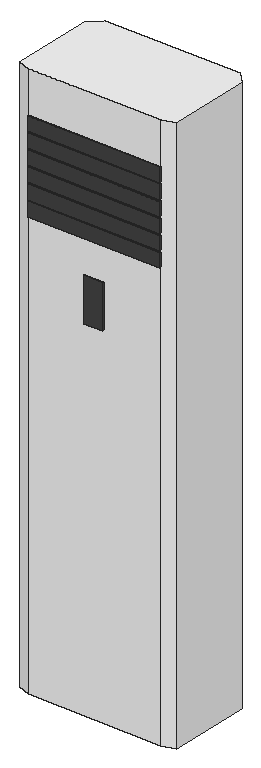
Revit family "SYSCOOL FLOOR 24 HP Q, внутренний блок", category Оборудование, Revit 2019
Family settings
  Размер круглого соединителя = Использовать диаметр
  Тип детали = Нормальный
  Номер OmniClass = 23.75.00.00
  Заголовок OmniClass = Climate Control (HVAC)
  На основе рабочей плоскости = Нет
  Всегда вертикально = Да
  При загрузке вырезать с полостями = Нет
  Общий = Нет
  Точка расчета площади = Нет
Parameters (values of type "MFPA-24ARN1-QB6")
  clearance access up = 300.000 mm
  clearance access right = 500.000 mm
  clearance access left = 500.000 mm
  clearance access front = 2000.000 mm
  clearance access behind = 50.000 mm
  clearance [instance] = no
  Width = 510.000 mm
  URL = ""
  Series = "PA"
  Power supply = "3 phase,380-415V, 50Hz"
  Panel color = "Polar white"
  Net Weight = 38.40 kg
  Группа модели = "MFPA-24ARN1-QB6"
  Minimum Circuit Amps = 18 A
  Min cable selection (power wiring) = "4.0x3"
  Maximum Fuse Amps = 35 A
  Manufacturer = ""
  Machine material = Galvanized Steel
  Liquid pipe = 9.520 mm
  Installation = "Indoor installation"
  Height = 1750.000 mm
  Heating Power Input = 2470 W
  Heating Capacity = 7913 W
  Gas pipe = 15.900 mm
  Gas = "R410A"
  Описание = "Floor standing"
  Depth = 315.000 mm
  Cooling Power Input = 2425 W
  Cooling Capacity = 7034 W
  Condensation = ""
  Combine Capacity = 2732 W
  Combine = 3030 W
  Air  Flow = "910/800 m3/h"
Reference planes
  plane 1 "center(front/back)": y = 0
  plane 2: z = 0
  plane 3 "center(left/right)": x = 0
  plane 4: z = 1750
  plane 5: x = 510
  plane 6: y = -315
  plane 7: z = 1825
Forms (mm)
  Extrusion 1, solid, material "HXL White", detail levels medium+fine
    sketch origin (0, 0, 0) x (1, 0, 0) y (0, 1, 0)
      loop
        line (35, 0) -> (0, -35) -> (0, -300.441) -> (40, -315) -> (470, -315) -> (510, -300.441) -> (510, -35) -> (475, 0) -> (35, 0)
    from 1825 to 0
  Extrusion 2, solid, material "HXL Black", detail levels fine
    sketch origin (0, 0, -1560) x (0, 1, 0) y (0, 0, 1)
      loop
        line (-320, 3200) -> (-320, 3155) -> (-306.077, 3155) -> (-306.077, 3200) -> (-320, 3200)
    from 470 to 40
  Extrusion 3, solid, material "HXL Black", detail levels fine
    sketch origin (0, 0, -1510) x (0, 1, 0) y (0, 0, 1)
      loop
        line (-320, 3200) -> (-320, 3155) -> (-306.077, 3155) -> (-306.077, 3200) -> (-320, 3200)
    from 470 to 40
  Extrusion 4, solid, material "HXL Black", detail levels fine
    sketch origin (0, 0, -1660) x (0, 1, 0) y (0, 0, 1)
      loop
        line (-320, 3200) -> (-320, 3155) -> (-306.077, 3155) -> (-306.077, 3200) -> (-320, 3200)
    from 470 to 40
  Extrusion 5, solid, material "HXL Black", detail levels fine
    sketch origin (0, 0, -1610) x (0, 1, 0) y (0, 0, 1)
      loop
        line (-320, 3200) -> (-320, 3155) -> (-306.077, 3155) -> (-306.077, 3200) -> (-320, 3200)
    from 470 to 40
  Extrusion 6, solid, material "HXL Black", detail levels fine
    sketch origin (0, 0, -1760) x (0, 1, 0) y (0, 0, 1)
      loop
        line (-320, 3200) -> (-320, 3155) -> (-306.077, 3155) -> (-306.077, 3200) -> (-320, 3200)
    from 470 to 40
  Extrusion 7, solid, material "HXL Black", detail levels fine
    sketch origin (0, 0, -1710) x (0, 1, 0) y (0, 0, 1)
      loop
        line (-320, 3200) -> (-320, 3155) -> (-306.077, 3155) -> (-306.077, 3200) -> (-320, 3200)
    from 470 to 40
  Extrusion 8, solid, material "HXL Black", detail levels fine
    sketch origin (0, 0, -1960) x (0, 1, 0) y (0, 0, 1)
      loop
        line (-320, 3248.118) -> (-320, 3107.291) -> (-306.077, 3107.291) -> (-306.077, 3248.118) -> (-320, 3248.118)
    from 286.013 to 224.201
  Extrusion 9, solid, material "HXL White", detail levels fine
    sketch origin (0, 2.622, -30.139) x (0, 0, 1) y (-1, 0, 0)
      loop
        circle (87.32, -446.577) r 9.5
    from 2.622 to -15.703
  Extrusion 10, solid, material "HXL White", detail levels fine
    sketch origin (0, 2.622, 4.861) x (0, 0, 1) y (-1, 0, 0)
      loop
        circle (87.32, -446.577) r 4.76
    from 2.622 to -15.703
Lines and regions (mm)
  model lines
    curve 1: line (0, -35, 1825) -> (0, -300.441, 1825)
    curve 2: line (510, -300.441, 1825) -> (510, -35, 1825)
    curve 3: line (475, 0, 1825) -> (35, 0, 1825)
    curve 4: line (510, -300.441, 0) -> (510, -35, 0)
    curve 5: line (0, -35, 0) -> (0, -300.441, 0)
    curve 6: line (475, 0, 0) -> (35, 0, 0)
    curve 7: line (510, -35, 1825) -> (475, 0, 1825)
    curve 8: line (35, 0, 1825) -> (0, -35, 1825)
    curve 9: line (0, -300.441, 1825) -> (40, -315, 1825)
    curve 10: line (470, -315, 1825) -> (510, -300.441, 1825)
    curve 11: line (40, -315, 1825) -> (470, -315, 1825)
    curve 12: line (470, -315, 0) -> (510, -300.441, 0)
    curve 13: line (510, -35, 0) -> (475, 0, 0)
    curve 14: line (35, 0, 0) -> (0, -35, 0)
    curve 15: line (0, -300.441, 0) -> (40, -315, 0)
    curve 16: line (510, -300.441, 1825) -> (510, -300.441, 0)
    curve 17: line (510, -35, 0) -> (510, -35, 1825)
    curve 18: line (0, -35, 0) -> (0, -35, 1825)
    curve 19: line (0, -300.441, 1825) -> (0, -300.441, 0)
    curve 20: line (40, -315, 1825) -> (40, -315, 0)
    curve 21: line (470, -315, 0) -> (470, -315, 1825)
    curve 22: line (475, 0, 1825) -> (475, 0, 0)
    curve 23: line (35, 0, 0) -> (35, 0, 1825)
    curve 24: line (40, -315, 0) -> (470, -315, 0)
Dimensions and locks
  "Height": level to plane 4
  aligned and locked: level to plane 2
Automatic sketch dimensions
  Extrusion 2 sketch curve to plane 6 = 5.000 mm
  plane 4 to Extrusion 2 sketch curve = 155.000 mm
  plane 6 to Extrusion 2 sketch curve = 8.923 mm
  Extrusion 2 sketch curve to Extrusion 2 sketch curve = 45.000 mm
  Extrusion 3 sketch curve to plane 6 = 5.000 mm
  plane 4 to Extrusion 3 sketch curve = 105.000 mm
  plane 6 to Extrusion 3 sketch curve = 8.923 mm
  Extrusion 3 sketch curve to Extrusion 3 sketch curve = 45.000 mm
  Extrusion 4 sketch curve to plane 6 = 5.000 mm
  plane 4 to Extrusion 4 sketch curve = 255.000 mm
  plane 6 to Extrusion 4 sketch curve = 8.923 mm
  Extrusion 4 sketch curve to Extrusion 4 sketch curve = 45.000 mm
  Extrusion 5 sketch curve to plane 6 = 5.000 mm
  plane 4 to Extrusion 5 sketch curve = 205.000 mm
  plane 6 to Extrusion 5 sketch curve = 8.923 mm
  Extrusion 5 sketch curve to Extrusion 5 sketch curve = 45.000 mm
  Extrusion 6 sketch curve to plane 6 = 5.000 mm
  plane 4 to Extrusion 6 sketch curve = 355.000 mm
  plane 6 to Extrusion 6 sketch curve = 8.923 mm
  Extrusion 6 sketch curve to Extrusion 6 sketch curve = 45.000 mm
  Extrusion 7 sketch curve to plane 6 = 5.000 mm
  plane 4 to Extrusion 7 sketch curve = 305.000 mm
  plane 6 to Extrusion 7 sketch curve = 8.923 mm
  Extrusion 7 sketch curve to Extrusion 7 sketch curve = 45.000 mm
  Extrusion 8 sketch curve to plane 6 = 5.000 mm
  plane 4 to Extrusion 8 sketch curve = 602.709 mm
  plane 6 to Extrusion 8 sketch curve = 8.923 mm
  Extrusion 8 sketch curve to Extrusion 8 sketch curve = 140.827 mm
  level to Extrusion 9 sketch curve = 57.181 mm
  Extrusion 9 sketch curve to plane 5 = 63.423 mm
  level to Extrusion 10 sketch curve = 92.181 mm
  Extrusion 10 sketch curve to plane 5 = 63.423 mm
  plane 1 "center(front/back)" to Extrusion 1 sketch curve = 0.000 mm
  Extrusion 1 sketch curve to plane 6 = 0.000 mm
  Extrusion 1 sketch curve to plane 5 = 0.000 mm
  plane 6 to Extrusion 1 sketch curve = 14.559 mm  (x2)
  Extrusion 1 sketch curve to plane 3 "center(left/right)" = 0.000 mm
  plane 3 "center(left/right)" to Extrusion 1 sketch curve = 35.000 mm
  plane 3 "center(left/right)" to Extrusion 1 sketch curve = 40.000 mm
  Extrusion 1 sketch curve to plane 5 = 40.000 mm
  Extrusion 1 sketch curve to plane 5 = 35.000 mm
  plane 1 "center(front/back)" to Extrusion 1 sketch curve = 35.000 mm  (x2)
  curve 1 to Extrusion 1 = 0.000 mm  (x3)
  curve 3 to Extrusion 1 = 0.000 mm  (x3)
  curve 2 to Extrusion 1 = 0.000 mm  (x2)
  Extrusion 1 to curve 2 = 0.000 mm
  Extrusion 1 to curve 9 = 0.000 mm
  Extrusion 1 to curve 10 = 0.000 mm
  curve 10 to Extrusion 1 = 0.000 mm
  Extrusion 1 to curve 14 = 0.000 mm
  curve 14 to Extrusion 1 = 0.000 mm
  curve 6 to Extrusion 1 = 0.000 mm
  curve 12 to Extrusion 1 = 0.000 mm  (x2)
  curve 4 to Extrusion 1 = 0.000 mm
  curve 5 to Extrusion 1 = 0.000 mm
  Extrusion 1 to curve 13 = 0.000 mm
  curve 15 to Extrusion 1 = 0.000 mm  (x4)
  radius of Extrusion 9 sketch curve = 9.500 mm
  radius of Extrusion 10 sketch curve = 4.760 mm
Nested families
  nested 1: "service space" at (510, -315, 0), visible <- "clearance", type "Midea Service  Space"
    with Width 500.000 mm, Height 1825.000 mm, Depth 315.000 mm
  nested 2: "service space" at (-500, -315, 0), visible <- "clearance", type "Midea Service  Space"
    with Width 500.000 mm, Height 1825.000 mm, Depth 315.000 mm
  nested 3: "service space" at (0, -315, 1825), visible <- "clearance", type "Midea Service  Space"
    with Width 510.000 mm, Height 300.000 mm, Depth 315.000 mm
  nested 4: "service space" at (0, 0, 0), visible <- "clearance", type "Midea Service  Space"
    with Width 510.000 mm, Height 1825.000 mm, Depth 50.000 mm
  nested 5: "service space" at (0, -2315, 0), visible <- "clearance", type "Midea Service  Space"
    with Width 510.000 mm, Height 1825.000 mm, Depth 2000.000 mm
Connectors
  electrical at (255, 0, 912.5)
    settings: on Extrusion 1, index 1, voltage 380 V, apparent load 0 VA, apparent load phase1 0 VA, apparent load phase2 0 VA, apparent load phase3 0 VA, power factor 1, load classification "Other", number of poles 1, system type 30, power factor state 1, is connector primary yes, connector utility no, sub classification motor no, connector description ""
  piping at (446.577, 18.325, 57.181), diameter 15.9
    settings: on Extrusion 9, index 2, connector inside diameter 15.9 mm, connector length 0.000 mm, flow factor 0, pipe flow 0.0 m³/h, pressure drop 0.0 Pa, fitting loss kfactor 0, connector angle 0.00°, fixture units 0, engagement length 0.000 mm, angle of deflection 0.00°, flow configuration 0, flow direction 0, fitting loss method 0, system type 19, joint type 0, gender type 0, connector reference index -1, connector utility 0, adjustable connector no, is connector primary yes, connector description ""
  piping at (446.577, 18.325, 92.181), diameter 9.52
    settings: on Extrusion 10, index 3, connector inside diameter 9.52 mm, connector length 0.000 mm, flow factor 0, pipe flow 0.0 m³/h, pressure drop 0.0 Pa, fitting loss kfactor 0, connector angle 0.00°, fixture units 0, engagement length 0.000 mm, angle of deflection 0.00°, flow configuration 0, flow direction 0, fitting loss method 0, system type 19, joint type 0, gender type 0, connector reference index -1, connector utility 0, adjustable connector no, is connector primary no, connector description ""
Definition of nested family "service space"
  Parameters
    Width [instance] = 500.000 mm
    Height [instance] = 500.000 mm
    Depth [instance] = 500.000 mm
  Reference planes
    plane 1 "Center (Front/Back)": y = 0
    plane 2: z = 0
    plane 3 "Center (Left/Right)": x = 0
    plane 4: z = 500
    plane 5: y = 500
    plane 6: x = 500
  Forms (mm)
    Extrusion 1, solid
      sketch origin (0, 0, 0) x (1, 0, 0) y (0, 1, 0)
        loop
          line (0, 500) -> (0, 0) -> (500, 0) -> (500, 500) -> (0, 500)
      from 0 to 500
  Dimensions and locks
    "Width": plane 3 "Center (Left/Right)" to plane 6
    "Depth": plane 5 to plane 1 "Center (Front/Back)"
    "Height": level to plane 4
    aligned and locked: level to plane 2
    aligned and locked: plane 5 to Extrusion 1
    aligned and locked: Extrusion 1 to plane 6
    aligned and locked: Extrusion 1 to plane 3 "Center (Left/Right)"
    aligned and locked: plane 1 "Center (Front/Back)" to Extrusion 1
    aligned and locked: Extrusion 1 to plane 4
  Automatic sketch dimensions
    Extrusion 1 sketch curve to plane 3 "Center (Left/Right)" = 0.000 mm
    plane 1 "Center (Front/Back)" to Extrusion 1 sketch curve = 0.000 mm
    Extrusion 1 sketch curve to plane 6 = 0.000 mm
    Extrusion 1 sketch curve to plane 5 = 0.000 mm
